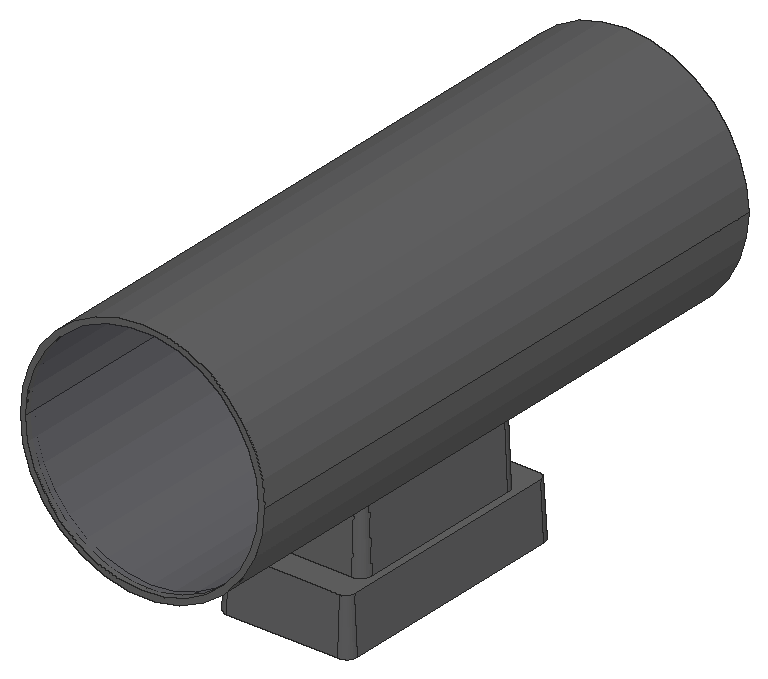
Revit family "GID_R_SP_SW ", category Lighting Fixtures, host Face, Revit 2022
Family settings
  Host = Face
  Round Connector Dimension = Use Diameter
  Part Type = Normal
  Cut with Voids When Loaded = Yes
  Light Source = Yes
  Maintain Annotation Orientation = No
  Shared = No
  Room Calculation Point = No
Parameters (values of type "GID-R-20W-5000K-60D-BK")
  Wattage Comments = "2x20W"
  Wattage = 30.4493 W
  built-in parameter 1150110 = 1 (stored number, unit not read)
  URL = "https://www.abovealllighting.com/Product/LED-OUTDOOR-FIXTURES/LEDWallLight/GeleneCylinderWallLight.html"
  built-in parameter 1114217 = 1 (stored number, unit not read)
  Tilt Angle = 90.00°
  built-in parameter 1150109 = 1 (stored number, unit not read)
  built-in parameter 1150134 = 2
  built-in parameter 1150113 = 1 (stored number, unit not read)
  Power Factor = "0.9"
  Photometric Web File = "GID-RSP-SW8-60(2X20W 5000K)_IESNA2002.ies"
  Model = "GID-RSP-SW8-60-BK"
  Manufacturer = "Above All Lighting"  # constant formula
  built-in parameter 1150105 = 359.93 (stored number, unit not read)
  Lumens = 4523 lm
  built-in parameter 1150115 = 1 (stored number, unit not read)
  Load Classification = Lighting
  built-in parameter 1150137 = (empty or 0)
  built-in parameter 1150139 = (empty or 0)
  built-in parameter 1150112 = 1 (stored number, unit not read)
  built-in parameter 1150114 = 1 (stored number, unit not read)
  Lamp = "LED"
  Input Voltage = "120-347V"
  built-in parameter 1150132 = 2
  built-in parameter 1150102 = (empty or 0)
  built-in parameter 1150107 = 5000 (stored number, unit not read)
  built-in parameter 1150138 = (empty or 0)
  built-in parameter 1150106 = 3.5993 (stored number, unit not read)
  built-in parameter 1150104 = 13.8 (stored number, unit not read)
  Dimming Lamp Color Temperature Shift = <None>
  Default Elevation = 6' - 0"
  Color Filter = 16777215
  CRI = "70"
  Beam Angle = 60.00°
  built-in parameter 1114218 = 1 (stored number, unit not read)
  built-in parameter 1150133 = 10 (stored number, unit not read)
Types (7): name | Wattage | built-in parameter 1150134 | Photometric Web File | Model | built-in parameter 1150105 | Lumens | built-in parameter 1150107 | built-in parameter 1150106 | Beam Angle
  (no name) | 30.4493 W | 2 | "GID-RSP-SW8-60(2X20W 5000K)_IESNA2002.ies" | "GID-RSP-SW8-60-BK" | 359.93 (stored number, unit not read) | 4523 lm | 5000 (stored number, unit not read) | 3.5993 (stored number, unit not read) | 60.00°
  GID-R-20W-3000K-45D-BK | 28.9817 W | (empty or 0) | "GID-RSP-SW8-45(2X20W 3000K)_IESNA2002.ies" | "GID-RSP-SW8-45-BK" | 342.58 (stored number, unit not read) | 4305 lm | 3000 (stored number, unit not read) | 3.4258 (stored number, unit not read) | 45.00°
  GID-R-20W-4000K-45D-BK | 32.0515 W | 12 | "GID-RSP-SW8-45(2X20W 4000K)_IESNA2002.ies" | "GID-RSP-SW8-45-BK" | 378.87 (stored number, unit not read) | 4761 lm | 4000 (stored number, unit not read) | 3.7887 (stored number, unit not read) | 45.00°
  GID-R-20W-5000K-45D-BK | 30.079 W | 2 | "GID-RSP-SW8-45(2X20W 5000K)_IESNA2002.ies" | "GID-RSP-SW8-45-BK" | 355.55 (stored number, unit not read) | 4468 lm | 5000 (stored number, unit not read) | 3.5555 (stored number, unit not read) | 45.00°
  GID-R-20W-5000K-60D-BK | 30.4493 W | 2 | "GID-RSP-SW8-60(2X20W 5000K)_IESNA2002.ies" | "GID-RSP-SW8-60-BK" | 359.93 (stored number, unit not read) | 4523 lm | 5000 (stored number, unit not read) | 3.5993 (stored number, unit not read) | 60.00°
  GID-R-20W-4000K-60D-BK | 32.6911 W | 12 | "GID-RSP-SW8-60(2X20W 4000K)_IESNA2002.ies" | "GID-RSP-SW8-60-BK" | 386.43 (stored number, unit not read) | 4856 lm | 4000 (stored number, unit not read) | 3.8643 (stored number, unit not read) | 60.00°
  GID-R-20W-3000K-60D-BK | 29.6415 W | (empty or 0) | "GID-RSP-SW8-60(2X20W 3000K)_IESNA2002.ies" | "GID-RSP-SW8-60-BK" | 350.38 (stored number, unit not read) | 4403 lm | 3000 (stored number, unit not read) | 3.5038 (stored number, unit not read) | 60.00°
Reference planes (in)
  plane 1 "Center (Front/Back)": y = 0
  plane 2: z = 0
  plane 3 "Center (Left/Right)": x = 0
Forms (in)
  Extrusion 1, solid, material "Aluminum"
    sketch origin (1.43133, -7.37506, -3) x (-1, 0, 0) y (0, 0, 1)
      loop
        circle (1.43133, 8.275) r 2.755
      loop
        circle (1.43133, 8.275) r 2.63
    from 0.56 to 14.19011
  Extrusion 2, solid, material "Glass"
    sketch origin (1.43133, -0.13006, -3) x (-1, 0, 0) y (0, 0, 1)
      loop
        circle (1.43133, 8.275) r 2.63
    from 6.69511 to 6.82011
  Extrusion 3, solid, material "Glass"
    sketch origin (1.43133, 0.13006, -3) x (-1, 0, 0) y (0, 0, -1)
      loop
        circle (1.43133, -8.275) r 2.63
    from 6.69511 to 6.82011
  SweptBlend 4, solid, material "Aluminum"
    path origin (0, 77.41608, -3) x (0, 0, -1) y (0, -1, 0)
      loop
        line (-3, 77.41608) -> (-4.25, 77.41608)
    profile origin (0, 0, 0) x (0, 1, 0) y (-1, 0, 0)
      loop
        arc (-2.86883, -1.25) -> (-2.79561, -1.42678) -> (-2.61883, -1.5) r 0.25
        line (-2.61883, -1.5) -> (2.61883, -1.5)
        arc (2.61883, -1.5) -> (2.79561, -1.42678) -> (2.86883, -1.25) r 0.25
        line (2.86883, -1.25) -> (2.86883, 1.25)
        arc (2.86883, 1.25) -> (2.79561, 1.42678) -> (2.61883, 1.5) r 0.25
        line (2.61883, 1.5) -> (-2.61883, 1.5)
        arc (-2.61883, 1.5) -> (-2.79561, 1.42678) -> (-2.86883, 1.25) r 0.25
        line (-2.86883, 1.25) -> (-2.86883, -1.25)
    end profile origin (0, 0, 1.25) x (0, 1, 0) y (-1, 0, 0)
      loop
        arc (-2.80633, -1.25) -> (-2.75141, -1.38258) -> (-2.61883, -1.4375) r 0.1875
        line (-2.61883, -1.4375) -> (2.61883, -1.4375)
        arc (2.61883, -1.4375) -> (2.75141, -1.38258) -> (2.80633, -1.25) r 0.1875
        line (2.80633, -1.25) -> (2.80633, 1.25)
        arc (2.80633, 1.25) -> (2.75141, 1.38258) -> (2.61883, 1.4375) r 0.1875
        line (2.61883, 1.4375) -> (-2.61883, 1.4375)
        arc (-2.61883, 1.4375) -> (-2.75141, 1.38258) -> (-2.80633, 1.25) r 0.1875
        line (-2.80633, 1.25) -> (-2.80633, -1.25)
  SweptBlend 5, solid, material "Aluminum"
    path origin (0, 77.41608, -3) x (0, 0, -1) y (0, -1, 0)
      loop
        line (-4.25, 77.41608) -> (-5.75, 77.41608)
    profile origin (0, 0, 1.25) x (0, 1, 0) y (-1, 0, 0)
      loop
        line (-1.92481, -1.25) -> (1.92372, -1.25)
        arc (1.92372, -1.25) -> (2.10049, -1.17678) -> (2.17372, -1) r 0.25
        line (2.17372, -1) -> (2.17372, 1)
        arc (2.17372, 1) -> (2.10049, 1.17678) -> (1.92372, 1.25) r 0.25
        line (1.92372, 1.25) -> (-1.92481, 1.25)
        arc (-1.92481, 1.25) -> (-2.10159, 1.17678) -> (-2.17481, 1) r 0.25
        line (-2.17481, 1) -> (-2.17481, -1)
        arc (-2.17481, -1) -> (-2.10159, -1.17678) -> (-1.92481, -1.25) r 0.25
    end profile origin (0, 0, 2.75) x (0, 1, 0) y (-1, 0, 0)
      loop
        arc (-2.11231, -1) -> (-2.0574, -1.13258) -> (-1.92481, -1.1875) r 0.1875
        line (-1.92481, -1.1875) -> (1.92372, -1.1875)
        arc (1.92372, -1.1875) -> (2.0563, -1.13258) -> (2.11122, -1) r 0.1875
        line (2.11122, -1) -> (2.11122, 1)
        arc (2.11122, 1) -> (2.0563, 1.13258) -> (1.92372, 1.1875) r 0.1875
        line (1.92372, 1.1875) -> (-1.92481, 1.1875)
        arc (-1.92481, 1.1875) -> (-2.0574, 1.13258) -> (-2.11231, 1) r 0.1875
        line (-2.11231, 1) -> (-2.11231, -1)
  Extrusion 6, solid, material "Aluminum", not visible
    sketch origin (37.59444, -3, 6.01011) x (0, 1, 0) y (-1, 0, 0)
      loop
        circle (8.275, 1.43133) r 2.755
      loop
        circle (8.275, 1.43133) r 2.63
    from 0.56 to 14.19011
  Extrusion 7, solid, material "Glass", not visible
    sketch origin (37.59444, -3, 13.25511) x (0, 1, 0) y (-1, 0, 0)
      loop
        circle (8.275, 1.43133) r 2.63
    from 6.69511 to 6.82011
  Extrusion 8, solid, material "Glass", not visible
    sketch origin (37.59444, -3, 0) x (-1, 0, 0) y (0, -1, 0)
      loop
        circle (1.43133, -8.275) r 2.63
    from 6.69511 to 6.82011
  SweptBlend 9, solid, material "Aluminum", not visible
    path origin (36.16311, -3, -64.04214) x (0, -1, 0) y (0, 0, 1)
      loop
        line (-3, 77.41608) -> (-4.25, 77.41608)
    profile origin (36.16311, 0, 13.37394) x (0, 0, -1) y (-1, 0, 0)
      loop
        arc (-2.86883, -1.25) -> (-2.79561, -1.42678) -> (-2.61883, -1.5) r 0.25
        line (-2.61883, -1.5) -> (2.61883, -1.5)
        arc (2.61883, -1.5) -> (2.79561, -1.42678) -> (2.86883, -1.25) r 0.25
        line (2.86883, -1.25) -> (2.86883, 1.25)
        arc (2.86883, 1.25) -> (2.79561, 1.42678) -> (2.61883, 1.5) r 0.25
        line (2.61883, 1.5) -> (-2.61883, 1.5)
        arc (-2.61883, 1.5) -> (-2.79561, 1.42678) -> (-2.86883, 1.25) r 0.25
        line (-2.86883, 1.25) -> (-2.86883, -1.25)
    end profile origin (36.16311, 1.25, 13.37394) x (0, 0, -1) y (-1, 0, 0)
      loop
        arc (-2.80633, -1.25) -> (-2.75141, -1.38258) -> (-2.61883, -1.4375) r 0.1875
        line (-2.61883, -1.4375) -> (2.61883, -1.4375)
        arc (2.61883, -1.4375) -> (2.75141, -1.38258) -> (2.80633, -1.25) r 0.1875
        line (2.80633, -1.25) -> (2.80633, 1.25)
        arc (2.80633, 1.25) -> (2.75141, 1.38258) -> (2.61883, 1.4375) r 0.1875
        line (2.61883, 1.4375) -> (-2.61883, 1.4375)
        arc (-2.61883, 1.4375) -> (-2.75141, 1.38258) -> (-2.80633, 1.25) r 0.1875
        line (-2.80633, 1.25) -> (-2.80633, -1.25)
  SweptBlend 10, solid, material "Aluminum", not visible
    path origin (36.16311, -3, -64.04214) x (0, -1, 0) y (0, 0, 1)
      loop
        line (-4.25, 77.41608) -> (-5.75, 77.41608)
    profile origin (36.16311, 1.25, 13.37394) x (0, 0, -1) y (-1, 0, 0)
      loop
        line (-1.92481, -1.25) -> (1.92372, -1.25)
        arc (1.92372, -1.25) -> (2.10049, -1.17678) -> (2.17372, -1) r 0.25
        line (2.17372, -1) -> (2.17372, 1)
        arc (2.17372, 1) -> (2.10049, 1.17678) -> (1.92372, 1.25) r 0.25
        line (1.92372, 1.25) -> (-1.92481, 1.25)
        arc (-1.92481, 1.25) -> (-2.10159, 1.17678) -> (-2.17481, 1) r 0.25
        line (-2.17481, 1) -> (-2.17481, -1)
        arc (-2.17481, -1) -> (-2.10159, -1.17678) -> (-1.92481, -1.25) r 0.25
    end profile origin (36.16311, 2.75, 13.37394) x (0, 0, -1) y (-1, 0, 0)
      loop
        arc (-2.11231, -1) -> (-2.0574, -1.13258) -> (-1.92481, -1.1875) r 0.1875
        line (-1.92481, -1.1875) -> (1.92372, -1.1875)
        arc (1.92372, -1.1875) -> (2.0563, -1.13258) -> (2.11122, -1) r 0.1875
        line (2.11122, -1) -> (2.11122, 1)
        arc (2.11122, 1) -> (2.0563, 1.13258) -> (1.92372, 1.1875) r 0.1875
        line (1.92372, 1.1875) -> (-1.92481, 1.1875)
        arc (-1.92481, 1.1875) -> (-2.0574, 1.13258) -> (-2.11231, 1) r 0.1875
        line (-2.11231, 1) -> (-2.11231, -1)
Dimensions and locks (in)
  aligned and locked: plane 2 to host face
  aligned and locked: level to host face
  aligned and locked: SweptBlend 5 to SweptBlend 4
